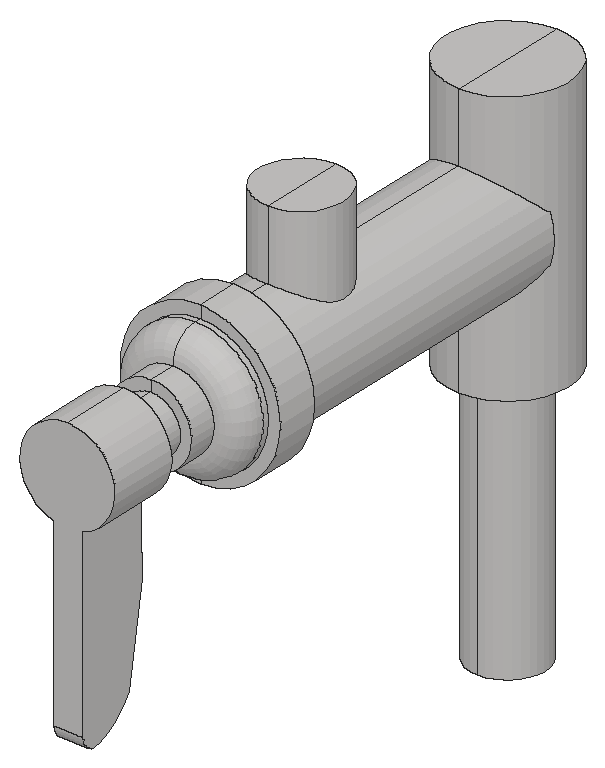
Revit family "QF_T&S_B-0155-LN", category Specialty Equipment, Revit 2015
Parameters
  Weight in Pounds = 0
  Water Supply Radius = 3/16"  # constant formula
  URL Cutsheet = ""
  URL = "http://www.tsbrass.com/"
  Type Mark [instance] = ""
  Specification by User [instance] = ""
  Specification by Manufacturer = ""
  Serial Number = ""
  Seismic Rating = ""
  SMACNA No = ""
  Revision Code [instance] = ""
  Product Documentation Link = "http://catalog.tsbrass.com/"
  Plumbing Remarks = "Pressure: 20 - 125 psi, Temperature: 40°F - 140°F, Flow Rate: 9.46 GPM @ 60 psi. Outlet device &/or final configuration may reduce flow rate."
  Omniclass Number and Title = ""
  NAFEM Spec ID Number = ""
  Model = "B-0155-LN"  # constant formula
  Masterspec = ""
  Manufacturer Phone = ""
  Manufacturer Fax = ""
  Manufacturer Email = ""
  Manufacturer Address = ""
  Manufacturer = "T&S Brass and Bronze Works, Inc."  # constant formula
  Item Number [instance] = ""
  Installed By [instance] = ""
  Identify Quantity as Lot [instance] = yes
  Hot Water Temperature = 140 °F
  Hot Water Size = Water Supply Radius * 2  # 3/8"
  Hot Water RI Height = 0"
  Hot Water Minimum Pressure = 20.00 psi
  Hot Water Maximum Pressure = 125.00 psi
  Hot Water Inlet Flow = 9.46 GPM
  Hot Water Flow [instance] = Hot Water Inlet Flow  # 9.46 GPM
  Hot Water Consumption = Hot Water Inlet Flow  # 9.46 GPM
  Hot Water Connection Height = 0"
  Furnished By [instance] = ""
  Foodservice Equipment Identifier [instance] = yes
  Faucet Material = QF_Metal-Stainless-Polished
  Description = "Add-On Faucet w/ 1/4 Turn Eterna Cartridge & Lever Handle (Less Nozzle)"  # constant formula
  Connector 2 Description = "Hot Water Inlet"
  Connector 1 Description = "Cold Water Inlet"
  Cold Water Temperature Recommended = 40 °F
  Cold Water Size = Water Supply Radius * 2  # 3/8"
  Cold Water RI Height = 0"
  Cold Water Minimum Pressure = 20.00 psi
  Cold Water Maximum Pressure = 125.00 psi
  Cold Water Inlet Flow = 9.46 GPM
  Cold Water Flow = Cold Water Inlet Flow  # 9.46 GPM
  Cold Water Consumption = "9.460 GPM"
  Cold Water Connection Height = 0"
  CSI MasterFormat = ""
  CSI Master Format = ""
Reference planes (in)
  plane 1 "BACK": y = 0
  plane 2: z = 0
  plane 3 "LEFT": x = 0
  plane 4 "RIGHT": x = 2.28007
  plane 5 "FRONT": y = -4.625
  plane 6 "TOP": z = 9.3125
  plane 7: x = 1.14003
  plane 8: y = -2.3125
  plane 9: z = 4.8125
  plane 10: z = 6.5625
  plane 11: y = -4.9375
Lines and regions (in)
  symbolic lines
    curve 1: arc (1.14003, 0.54831, 0) -> (1.68834, 0, 0) -> (1.14003, -0.54831, 0) r 0.54831
    curve 2: arc (1.14003, -0.54831, 0) -> (0.59173, 0, 0) -> (1.14003, 0.54831, 0) r 0.54831
    curve 3: arc (1.14003, -1.92878, 0) -> (1.52376, -2.3125, 0) -> (1.14003, -2.69622, 0) r 0.38372
    curve 4: arc (1.14003, -2.69622, 0) -> (0.75631, -2.3125, 0) -> (1.14003, -1.92878, 0) r 0.38372
    curve 5: line (0.71317, -4.30692, 0) -> (1.5669, -4.30692, 0)
    curve 6: line (0.71317, -4.9375, 0) -> (0.71317, -4.30692, 0)
    curve 7: line (1.5669, -4.9375, 0) -> (0.71317, -4.9375, 0)
    curve 8: line (1.5669, -4.30692, 0) -> (1.5669, -4.9375, 0)
    curve 9: line (0.88289, -4, 0) -> (1.40034, -4, 0)
    curve 10: line (0.88289, -4.30692, 0) -> (0.88289, -4, 0)
    curve 11: line (1.40034, -4.30692, 0) -> (0.88289, -4.30692, 0)
    curve 12: line (1.40034, -4, 0) -> (1.40034, -4.30692, 0)
    curve 13: line (0.77708, -4, 0) -> (1.50299, -4, 0)
    curve 14: line (0.77708, -3.75, 0) -> (0.77708, -4, 0)
    curve 15: line (1.50299, -3.75, 0) -> (0.77708, -3.75, 0)
    curve 16: line (1.50299, -4, 0) -> (1.50299, -3.75, 0)
    curve 17: line (0.42077, -3.06779, 0) -> (1.8593, -3.06779, 0)
    curve 18: line (0.42077, -3.44634, 0) -> (0.42077, -3.06779, 0)
    curve 19: line (1.8593, -3.44634, 0) -> (0.42077, -3.44634, 0)
    curve 20: line (1.8593, -3.06779, 0) -> (1.8593, -3.44634, 0)
    curve 21: arc (1.50299, -3.75, 0) -> (1.70354, -3.65817, 0) -> (1.76503, -3.44634, 0) r 0.2649
    curve 22: arc (0.77708, -3.75, 0) -> (0.57653, -3.65817, 0) -> (0.51503, -3.44634, 0) r 0.2649
    curve 23: line (1.7023, -3.06779, 0) -> (1.7023, -0.17932, 0)
    curve 24: line (1.7023, -0.17932, 0) -> (1.65819, -0.17932, 0)
    curve 25: line (0.57777, -0.17932, 0) -> (0.62188, -0.17932, 0)
    curve 26: line (0.57777, -0.17932, 0) -> (0.57777, -3.06779, 0)
Dimensions and locks (in)
  plane 3 "LEFT" to plane 4 "RIGHT" = 2.28007"
  plane 5 "FRONT" to plane 1 "BACK" = 4 5/8"
  equal spacing: plane 3 "LEFT", plane 7, plane 4 "RIGHT"
  equal spacing: plane 5 "FRONT", plane 8, plane 1 "BACK"
  plane 6 "TOP" to plane 2 = 9 5/16"
  plane 6 "TOP" to level = 9 5/16"
  plane 9 to level = 4 13/16"
  plane 9 to plane 2 = 4 13/16"
  plane 10 to plane 2 = 6 9/16"
  plane 11 to plane 1 "BACK" = 4 15/16"
  plane 8 to plane 1 "BACK" = 2 5/16"
  nested 1 to plane 2 = 3 5/8"
  aligned and locked: level to plane 2
Automatic sketch dimensions
  plane 11 to curve 6 = 0"
  curve 3 to plane 7 = 0"
  curve 2 to plane 7 = 0"
  curve 4 to plane 8 = 0"
  plane 1 "BACK" to curve 2 = 0"
  curve 11 to plane 7 = 0.25715"
  curve 22 to curve 9 = 0.10581"
  curve 7 to plane 7 = 0.42686"
  plane 1 "BACK" to curve 25 = 0.17932"
  curve 25 to plane 7 = 0.51816"
  curve 26 to curve 25 = 0.04411"
  curve 22 to curve 22 = 0.26204"
  curve 17 to curve 26 = 0.15699"
  plane 7 to curve 11 = 0.26031"
  curve 9 to curve 15 = 0.10265"
  curve 11 to curve 5 = 0.16656"
  plane 1 "BACK" to curve 24 = 0.17932"
  curve 24 to curve 23 = 0.04411"
  curve 21 to curve 21 = 0.26204"
  curve 21 to curve 19 = 0.09426"
  curve 12 to plane 5 "FRONT" = 0.31808"
  curve 6 to curve 10 = 0"
  curve 10 to curve 10 = 0.30692"
  curve 13 to curve 9 = 0"
  curve 13 to curve 15 = 1/4"
  curve 15 to curve 21 = 0.2649"
  curve 19 to curve 20 = 0.37855"
  curve 4 to curve 3 = 0.38372"
Nested families (in)
  nested 1: "QF_T&S_B-0155" at (0.51503, 0, 0), type "QF_T&S_B-0155"
    with Type Mark "", Status "", Specification by User "", Revision Code "", Item Number "", Installed By "", Identify Quantity as Lot yes, Furnished By "", Foodservice Equipment Identifier yes
Connectors (in)
  piping at (1.14003, 0, 0), diameter 0.375, driven by "Water Supply Radius", driven by "Connector 1 Description"
    settings: on nested 1, index 1, connector inside diameter 3/8", connector length 0", flow factor 0, pipe flow 0.00 GPM, pressure drop 0.00 psi, fitting loss kfactor 0, connector angle 0.00°, fixture units 0, engagement length 0", angle of deflection 0.00°, flow configuration 1, flow direction 1, fitting loss method 0, system type 20, joint type 0, gender type 0, connector reference index -1, connector utility 0, adjustable connector no, is connector primary yes, connector description "Cold Water Inlet"
  piping at (1.14003, 0, 0), diameter 0.375, driven by "Water Supply Radius", driven by "Connector 2 Description"
    settings: on nested 1, index 2, connector inside diameter 3/8", connector length 0", flow factor 0, pipe flow 0.00 GPM, pressure drop 0.00 psi, fitting loss kfactor 0, connector angle 0.00°, fixture units 0, engagement length 0", angle of deflection 0.00°, flow configuration 1, flow direction 1, fitting loss method 0, system type 19, joint type 0, gender type 0, connector reference index -1, connector utility 0, adjustable connector no, is connector primary no, connector description "Hot Water Inlet"
Definition of nested family "QF_T&S_B-0155"
  Parameters (values of type "QF_T&S_B-0155")
    Weight in Pounds = 0
    Water Supply Radius = 1/4"  # constant formula
    URL Cutsheet = ""
    URL = "http://www.tsbrass.com/"
    Type Mark [instance] = ""
    Status [instance] = ""
    Specification by User [instance] = ""
    Specification by Manufacturer = ""
    Serial Number = ""
    Seismic Rating = ""
    SMACNA No = ""
    Revision Code [instance] = ""
    Product Documentation Link = "http://catalog.tsbrass.com/"
    Plumbing Remarks = ""
    Omniclass Number and Title = ""
    NAFEM Spec ID Number = ""
    Model = "UK-1DF00"  # constant formula
    Masterspec = ""
    Manufacturer Phone = ""
    Manufacturer Fax = ""
    Manufacturer Email = ""
    Manufacturer Address = ""
    Manufacturer = "T&S Brass and Bronze Works, Inc."  # constant formula
    Item Number [instance] = ""
    Installed By [instance] = ""
    Identify Quantity as Lot [instance] = yes
    Furnished By [instance] = ""
    Foodservice Equipment Identifier [instance] = yes
    Faucet Material = none
    Description = "Single Hole Single Temperature Deck Mount Faucet, Ceramic Cartridge,Euro Lever Handle, 1/2'' BSPT Female Adapter & 1/2'' NPSM Male Inlet"  # constant formula
    Connector 1 Description = "Cold Water Inlet"
    Cold Water Temperature Recommended = 0 °F
    Cold Water Size = Water Supply Radius * 2  # 1/2"
    Cold Water RI Height = 0"
    Cold Water Minimum Pressure = 0.00 psi
    Cold Water Maximum Pressure = 0.00 psi
    Cold Water Inlet Flow = 0.00 GPM
    Cold Water Flow = Cold Water Inlet Flow  # 0.00 GPM
    Cold Water Consumption = "0"
    Cold Water Connection Height = 0"
    CSI MasterFormat = ""
    CSI Master Format = ""
  Reference planes (in)
    plane 1 "BACK": y = 0
    plane 2: z = 0
    plane 3 "LEFT": x = 0
    plane 4 "RIGHT": x = 1.25
    plane 5 "FRONT": y = -4.9375
    plane 6 "TOP": z = 4.8125
    plane 7: x = 0.625
    plane 8: y = -2.46875
    plane 9: z = 3.625
    plane 10: y = -2.3125
  Forms (in)
    Revolve 1, solid
      sketch origin (0.625, 10.75907, 48) x (0, 1, 0) y (0, 0, 1)
        loop
          line (-10.75907, -43.1875) -> (-11.30737, -43.1875) -> (-11.30737, -45.63505) -> (-11.09404, -45.63505) -> (-11.09404, -48) -> (-10.75907, -48) -> (-10.75907, -43.1875)
        axis (-10.75907, -43.1875) -> (-10.75907, -48)
      angle from 0 to 360
    Revolve 2, solid
      sketch origin (0.625, 10.75907, 48) x (0, 1, 0) y (0, 0, 1)
        loop
          line (-10.93838, -44.375) -> (-10.93838, -43.81273) -> (-13.82685, -43.81273) -> (-13.82685, -43.65574) -> (-14.2054, -43.65574) -> (-14.2054, -43.76615) -> (-14.26027, -43.76615)
          arc (-14.26027, -43.76615) -> (-14.43517, -43.838) -> (-14.50907, -44.01204) r 0.24882
          line (-14.50907, -44.01204) -> (-14.75907, -44.01204) -> (-14.75907, -44.11616) -> (-15.06598, -44.11616) -> (-15.06598, -43.94814) -> (-15.69657, -43.94814) -> (-15.69657, -44.375) -> (-10.93838, -44.375)
        axis (-15.69657, -44.375) -> (-10.93838, -44.375)
      angle from 0 to 360
    Extrusion 3, solid
      sketch origin (1.25, 0, 0) x (0, -1, 0) y (0, 0, 1)
        loop
          line (4.9375, 3.625) -> (4.30692, 3.625) -> (4.30692, 3.49871)
          arc (4.30692, 3.49871) -> (4.27516, 2.59736) -> (4.42661, 1.70826) r 4.43035
          arc (4.42661, 1.70826) -> (4.56747, 1.54006) -> (4.76214, 1.43888) r 0.56003
          arc (4.76214, 1.43888) -> (4.88229, 1.45802) -> (4.9375, 1.56645) r 0.13408
          line (4.9375, 1.56645) -> (4.9375, 3.625)
      from 0.48661 to 0.74523
    Revolve 4, solid
      sketch origin (0.625, 10.75907, 48) x (0, 1, 0) y (0, 0, 1)
        loop
          line (-13.07157, -43.1875) -> (-13.45529, -43.1875) -> (-13.45529, -44.06601) -> (-13.07157, -44.06601) -> (-13.07157, -43.1875)
        axis (-13.07157, -43.1875) -> (-13.07157, -44.06601)
      angle from 0 to 360
  Cuts and joins
    joined: Revolve 1, Revolve 2, Extrusion 3
  Lines and regions (in)
    Split face 1
      outline origin (0.625, -4.9375, 3.625) x (0, 0, 1) y (-1, 0, 0)
        loop
          circle (0, 0) r 0.12661
    symbolic lines
      curve 1: arc (0.625, 0.54831, 0) -> (1.17331, 0, 0) -> (0.625, -0.54831, 0) r 0.54831
      curve 2: arc (0.625, -0.54831, 0) -> (0.07669, 0, 0) -> (0.625, 0.54831, 0) r 0.54831
      curve 3: line (0.06273, -0.17932, 0) -> (0.10684, -0.17932, 0)
      curve 4: line (0.06273, -0.17932, 0) -> (0.06273, -3.06779, 0)
      curve 5: line (1.18727, -0.17932, 0) -> (1.14316, -0.17932, 0)
      curve 6: line (1.18727, -0.17932, 0) -> (1.18727, -3.06779, 0)
      curve 7: line (1.34426, -3.06779, 0) -> (-0.09426, -3.06779, 0)
      curve 8: line (1.34426, -3.44634, 0) -> (1.34426, -3.06779, 0)
      curve 9: line (-0.09426, -3.44634, 0) -> (1.34426, -3.44634, 0)
      curve 10: line (-0.09426, -3.06779, 0) -> (-0.09426, -3.44634, 0)
      curve 11: line (0.19814, -4.30692, 0) -> (0.19814, -4.9375, 0)
      curve 12: line (0.19814, -4.9375, 0) -> (1.05186, -4.9375, 0)
      curve 13: line (1.05186, -4.9375, 0) -> (1.05186, -4.30692, 0)
      curve 14: line (1.05186, -4.30692, 0) -> (0.19814, -4.30692, 0)
      curve 15: line (0.26204, -4, 0) -> (0.98796, -4, 0)
      curve 16: line (0.98796, -4, 0) -> (0.98796, -3.75, 0)
      curve 17: line (0.98796, -3.75, 0) -> (0.26204, -3.75, 0)
      curve 18: line (0.26204, -3.75, 0) -> (0.26204, -4, 0)
      curve 19: line (0.36785, -4, 0) -> (0.36785, -4.30692, 0)
      curve 20: line (0.88531, -4, 0) -> (0.88531, -4.30692, 0)
      curve 21: arc (0, -3.44634, 0) -> (0.0615, -3.65817, 0) -> (0.26204, -3.75, 0) r 0.2649
      curve 22: arc (1.25, -3.44634, 0) -> (1.1885, -3.65817, 0) -> (0.98796, -3.75, 0) r 0.2649
      curve 23: arc (0.625, -1.92878, 0) -> (1.00872, -2.3125, 0) -> (0.625, -2.69622, 0) r 0.38372
      curve 24: arc (0.625, -2.69622, 0) -> (0.24128, -2.3125, 0) -> (0.625, -1.92878, 0) r 0.38372
  Dimensions and locks (in)
    plane 3 "LEFT" to plane 4 "RIGHT" = 1 1/4"
    plane 5 "FRONT" to plane 1 "BACK" = 4 15/16"  (x2)
    equal spacing: plane 3 "LEFT", plane 7, plane 4 "RIGHT"
    equal spacing: plane 5 "FRONT", plane 8, plane 1 "BACK"
    plane 6 "TOP" to plane 2 = 4 13/16"
    plane 10 to plane 1 "BACK" = 2 5/16"
    locked: plane 6 "TOP" to plane 9 at 1.1875
    plane 9 to plane 2 = 3 5/8"
    aligned and locked: level to plane 2
    aligned and locked: Extrusion 3 sketch curve to plane 9
  Automatic sketch dimensions
    Revolve 1 sketch curve to plane 6 "TOP" = 0"
    Revolve 1 sketch curve to level = 0"
    Revolve 1 sketch curve to plane 1 "BACK" = 0"  (x2)
    plane 1 "BACK" to Revolve 1 sketch curve = 0.33497"
    plane 1 "BACK" to Revolve 1 sketch curve = 0.54831"
    Revolve 1 sketch curve to plane 9 = 1.26005"
    Revolve 1 sketch curve to Revolve 1 sketch curve = 2 1/4"
    Revolve 1 sketch curve to Revolve 1 sketch curve = 1/4"
    Revolve 2 sketch curve to plane 5 "FRONT" = 0"
    Revolve 2 sketch curve to plane 1 "BACK" = 0"
    Revolve 2 sketch curve to plane 9 = 0"  (x2)
    Revolve 2 sketch curve to plane 5 "FRONT" = 0.63058"
    Revolve 2 sketch curve to Revolve 2 sketch curve = 1/4"
    Revolve 2 sketch curve to Revolve 2 sketch curve = 0.2488"
    Revolve 2 sketch curve to Revolve 2 sketch curve = 0.05486"
    Revolve 2 sketch curve to Revolve 2 sketch curve = 0.37855"
    plane 1 "BACK" to Revolve 2 sketch curve = 0.17932"
    Revolve 2 sketch curve to Revolve 2 sketch curve = 0.19576"
    plane 9 to Revolve 2 sketch curve = 0.25884"
    plane 9 to Revolve 2 sketch curve = 0.36004"
    Revolve 2 sketch curve to Revolve 2 sketch curve = 0.00292"
    Revolve 2 sketch curve to Revolve 2 sketch curve = 0.16802"
    Revolve 2 sketch curve to Revolve 2 sketch curve = 0.04658"
    Revolve 2 sketch curve to Revolve 2 sketch curve = 0.15699"
    Revolve 2 sketch curve to Revolve 2 sketch curve = 0.30692"
    Extrusion 3 sketch curve to plane 5 "FRONT" = 0"
    Extrusion 3 sketch curve to plane 5 "FRONT" = 0.01943"
    Extrusion 3 sketch curve to Extrusion 3 sketch curve = 0.13408"
    Extrusion 3 sketch curve to Extrusion 3 sketch curve = 0.04128"
    Extrusion 3 sketch curve to Extrusion 3 sketch curve = 0"  (x2)
    Extrusion 3 sketch curve to Extrusion 3 sketch curve = 0.37681"
    Extrusion 3 sketch curve to plane 5 "FRONT" = 0.63058"
    Extrusion 3 sketch curve to plane 9 = 0.73214"
    plane 5 "FRONT" to Extrusion 3 sketch curve = 3.75815"
    curve 21 to plane 3 "LEFT" = 0"
    plane 5 "FRONT" to curve 11 = 0"
    curve 1 to plane 7 = 0"
    curve 22 to plane 4 "RIGHT" = 0"
    plane 1 "BACK" to curve 2 = 0"
    curve 10 to plane 3 "LEFT" = 0.09426"
    plane 3 "LEFT" to curve 4 = 0.06273"
    curve 3 to curve 3 = 0.04411"
    plane 3 "LEFT" to curve 11 = 0.19814"
    plane 3 "LEFT" to curve 17 = 0.26204"
    curve 15 to curve 19 = 0.10581"
    plane 7 to curve 20 = 0.26031"
    plane 4 "RIGHT" to curve 22 = 0.26204"
    curve 20 to curve 14 = 0.16656"
    plane 4 "RIGHT" to curve 5 = 0.10684"
    curve 5 to curve 5 = 0.04411"
    curve 9 to plane 4 "RIGHT" = 0.09426"
    curve 19 to plane 5 "FRONT" = 0.63058"
    curve 11 to curve 18 = 0.30692"
    curve 15 to curve 17 = 1/4"
    curve 21 to curve 21 = 0.2649"
    curve 22 to curve 6 = 0.37855"
    curve 2 to curve 1 = 0.54831"
    Revolve 4 sketch curve to plane 6 "TOP" = 0"
    Revolve 4 sketch curve to plane 10 = 0"  (x2)
    Revolve 4 sketch curve to plane 8 = 0.22747"
    plane 9 to Revolve 4 sketch curve = 0.30899"
    Revolve 4 sketch curve to Revolve 4 sketch curve = 0.7674"
    Revolve 4 sketch curve to Revolve 4 sketch curve = 0.1269"
    curve 23 to curve 24 = 0"  (x2)
    curve 24 to plane 7 = 0"
    curve 23 to plane 10 = 0"
    curve 23 to plane 8 = 0.22747"
    Extrusion 3 sketch curve to Extrusion 3 sketch curve = 1.64823"
    radius of Split face 1 sketch curve to cut or joined group of Revolve 1, Revolve 2, Extrusion 3 = 0.30025"
